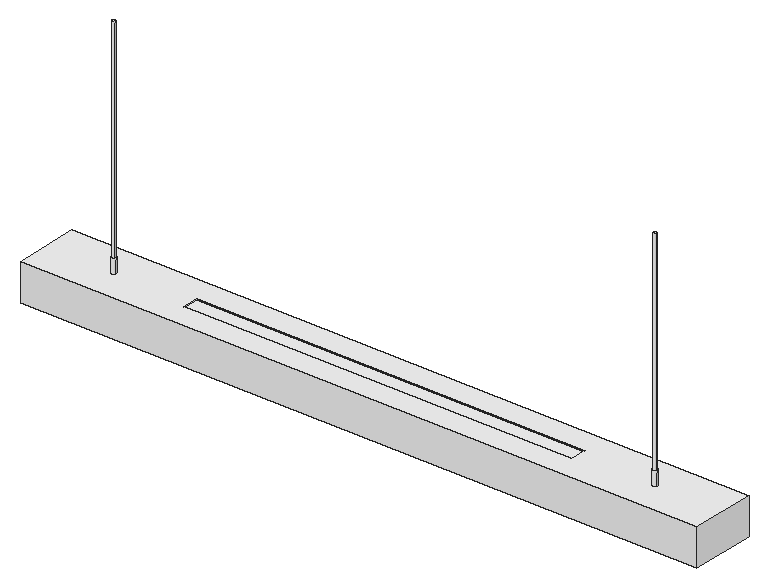
Revit family "Box Lean DI - Ceiling based", category Lighting Fixtures, host Ceiling, Revit 2014
Parameters (values of type "Box Lean DI 1500")
  Wattage = 44 W
  WarrantyGuarantorParts = "n/a"
  WarrantyDurationParts = "n/a"
  WarrantyDescription = "n/a"
  built-in parameter 1150110 = 1 (stored number, unit not read)
  Void = yes
  Version = "v.1.0"
  Uniclass2 = "Pr_70_70_49_43 Light-Emitting Diode (LED) Luminaires"
  Uniclass 1.4 = "JY73"
  TotalWattage = "Max. 46W"
  built-in parameter 1114217 = 1 (stored number, unit not read)
  Tilt Angle = 90.00°
  built-in parameter 1150109 = 1 (stored number, unit not read)
  built-in parameter 1150134 = 12
  TagNumber = "n/a"
  SustainabilityPerformance = "n/a"
  Suspended Distance Bottom = Suspended Distance + Height 1  # 581 mm
  Suspended Distance = 500 mm
  built-in parameter 1150113 = 1 (stored number, unit not read)
  SupplyCircuitConductorConnections = "n/a"
  Size = "142 x 1500 x 81 mm"
  Shape = "Rectangle"
  ProductInformation = "http://riegens.com/box-lean"
  PhotometricPerformance = "In accordance with BS EN 13032-1"
  Photometric Web File = "Box Lean 1500 DI 44W 4000K DP Satinmatt.ies"
  PhaseReference = "IEC recommendations"
  Optic = "Satin-matt double parabolic louvre (DP-SM)"
  NominalVoltage = "220-240V"
  ModelReference = "Box Lean DI 1500"
  Material = "Steel, lens optic in PMMA, double parabolic louvre in Miro finish"
  ManufacturersSpecificInformation = "n/a"
  ManufacturerURL = "www.riegens.com"
  Manufacturer = "Riegens A/S"
  built-in parameter 1150105 = 1862.3 (stored number, unit not read)
  Lumens = 5148 lm
  LuminaireType = "Direct/Indirect LED Luminaire"
  LuminairePowerFactor = ">0,9"
  built-in parameter 1150115 = 1 (stored number, unit not read)
  LightSource = "LED 3000K / 4000K"
  LightFixturePlacingType = "Ceiling"
  LightFixtureMountingType = "Suspended"
  built-in parameter 1150137 = (empty or 0)
  built-in parameter 1150139 = (empty or 0)
  LampType = "LED"
  LampRating = "44W"
  LampColourRenderingIndex = "Ra>80"
  built-in parameter 1150112 = 1 (stored number, unit not read)
  built-in parameter 1150114 = 1 (stored number, unit not read)
  InternalFuse = "Only required in emergency versions"
  InsulationStandardClass = "Class 1"
  built-in parameter 1150132 = (empty or 0)
  built-in parameter 1150102 = (empty or 0)
  built-in parameter 1150107 = 4000 (stored number, unit not read)
  built-in parameter 1150138 = (empty or 0)
  built-in parameter 1150106 = 18.623 (stored number, unit not read)
  IfcExportType = "NOTDEFINED"
  IfcExportAs = "IfcLightFixtureType"
  IP_Code [instance] = "IP20"
  Height 1 = 81 mm
  HasProtectiveEarth = "TRUE"
  Grade = "n/a"
  Glass = Riegens_Glass_opal
  Frame Width = 1500 mm
  Frame Depth = 142 mm
  Frame = Riegens_Steel_Powder coated white RAL901025
  Fixing point Suspended = 1200 mm
  Finish = "Powder coated"
  Features = "n/a"
  built-in parameter 1150104 = 10.87 (stored number, unit not read)
  Documentation = "See URL hyperlink"
  DocumentReference = "See URL hyperlink"
  Dimming Lamp Color Temperature Shift = <None>
  Description = "70-80-35 General Lighting Systems"
  ControlGearPosition = "Integrated "
  Constituents = "n/a"
  Colour = "White"
  Color Filter = 16777215
  CodePerformance = "n/a"
  Cassette Width = 0 mm
  Cassette Depth = 0 mm
  CCSTopnode = "L"
  CCSClassName = "Belysningsarmatur"
  CCSClassCode = "UAC"
  BarCode = "n/a"
  BallastsCELMAEnergyEfficiencyIndex = "Class A1/A2"
  built-in parameter 1114218 = 1 (stored number, unit not read)
  BSAB 96 = "SNB.2"
  BIMObjectName = "Box Lean DI 1500.rfa"
  Author = "3dbyggeri"
  built-in parameter 1150133 = 10 (stored number, unit not read)
  AssetType = "Moveable/Fixed"
  AssetIdentifier = "n/a"
  ArticleNumber = "See URL hyperlink"
  AccessibilityPerformance = "n/a"
Types (2, lengths in mm): name | Wattage | TotalWattage | Suspended Distance Bottom | Suspended Distance | Size | Photometric Web File | ModelReference | built-in parameter 1150105 | Lumens | LampRating | built-in parameter 1150106 | Frame Width | Fixing point Suspended | BIMObjectName
  Box Lean DI 1500 | 44 W | "Max. 46W" | 581 | 500 | "142 x 1500 x 81 mm" | "Box Lean 1500 DI 44W 4000K DP Satinmatt.ies" | "Box Lean DI 1500" | 1862.3 (stored number, unit not read) | 5148 lm | "44W" | 18.623 (stored number, unit not read) | 1500 | 1200 | "Box Lean DI 1500.rfa"
  Box Lean DI 1200 | 38 W | "Max. 30W / 40W" | 681 | 600 | "142 x 1200 x 81 mm" | "Box Lean 1200 DI 38W 4000K DP Satinmatt.ies" | "Box Lean DI 1200" | 353.8 (stored number, unit not read) | 4446 lm | "28W / 38W" | 3.538 (stored number, unit not read) | 1200 | 900 | "Box Lean DI 1200.rfa"
Reference planes
  plane 1 "Center (Front/Back)": y = 0
  plane 2: z = 0
  plane 3 "Center (Left/Right)": x = 0
  plane 4 "Ceiling": z = 4363
  plane 5: z = 3782
Dimensions and locks
  equal spacing: host sketch curve, plane 3 "Center (Left/Right)", host sketch curve
  equal spacing: host sketch curve, plane 1 "Center (Front/Back)", host sketch curve
  host sketch curve to host sketch curve = 4000 mm  (x2)
  locked: plane 4 "Ceiling" to host ceiling at 0
  "Suspended Distance Bottom": plane 5 to plane 4 "Ceiling"
  "Suspended Distance": plane 4 "Ceiling" to nested 1
  aligned and locked: plane 5 to nested 1
  aligned and locked: plane 3 "Center (Left/Right)" to nested 1
  aligned and locked: plane 1 "Center (Front/Back)" to nested 1
  aligned and locked: plane 5 to imposter light
Nested families
  nested 1: "Boxlean" at (0, 0, 3782), type "Boxlean"
    with Suspended Distance 581 mm, Frame Width 1500 mm, Fp Length 1200 mm
Connectors
  electrical at (0, 0, 3863)
    settings: on nested 1, index 1, voltage 0 V, apparent load 0 VA, apparent load phase1 0 VA, apparent load phase2 0 VA, apparent load phase3 0 VA, power factor 1, load classification "Other", number of poles 1, system type 31, power factor state 1, is connector primary yes, connector utility no, sub classification motor no, connector description ""
Definition of nested family "Boxlean"
  Parameters (values of type "Boxlean")
    Void Thickness = if(Void, -2 mm, 2 mm)  # -2 mm
    Void = yes
    Suspended Distance = 681 mm
    Height 1 = 81 mm
    Glass = Riegens_Glass_opal
    Frame Width = 1200 mm
    Frame Depth = 142 mm
    Frame = Riegens_Steel_Powder coated white RAL901025
    Fp Length = 900 mm
  Reference planes
    plane 1 "Center (Front/Back)": y = 0
    plane 2: z = 0
    plane 3 "Center (Left/Right)": x = 0
    plane 4: x = -600
    plane 5: x = 600
    plane 6: y = 71
    plane 7: y = -71
    plane 8: y = 41
    plane 9: y = -41
    plane 10: x = -578
    plane 11: x = 578
    plane 12: x = -280
    plane 13: x = 280
    plane 14: y = 17.5
    plane 15: y = -17.5
    plane 16: z = 81
    plane 17: z = 141
    plane 18: x = -450
    plane 19: x = 450
    plane 20: z = 111
  Forms (mm)
    Extrusion 1, solid, material "Riegens_Steel_Powder coated white RAL901025" <- "Frame"
      sketch origin (185, 184, 0) x (1, 0, 0) y (0, 1, 0)
        loop
          line (-785, -113) -> (-785, -255) -> (415, -255) -> (415, -113) -> (-785, -113)
      from 0 to 81
    Extrusion 2, void
      sketch origin (0, 0, 0) x (1, 0, 0) y (0, 1, 0)
        loop
          line (-578, 41) -> (-578, -41) -> (578, -41) -> (578, 41) -> (-578, 41)
      from 0.5 to 0
    Extrusion 3, solid, material "Riegens_Glass_opal" <- "Glass"
      sketch origin (0, 0, 0) x (1, 0, 0) y (0, 1, 0)
        loop
          line (-578, 41) -> (-578, -41) -> (578, -41) -> (578, 41) -> (-578, 41)
      from 0.5 to 0
    Extrusion 4, void
      sketch origin (185, 184, 81) x (1, 0, 0) y (0, 1, 0)
        loop
          line (95, -201.5) -> (95, -166.5) -> (-465, -166.5) -> (-465, -201.5) -> (95, -201.5)
      from -2 <- "Void Thickness" to 0
    Extrusion 5, solid, material "Riegens_Steel_Powder coated white RAL901025" <- "Frame"
      sketch origin (-1162.9, -1524, 81) x (-1, 0, 0) y (0, -1, 0)
        loop
          circle (-712.9, -1524) r 5
      from 0 to 30
    Extrusion 6, solid, material "Riegens_Steel_Powder coated white RAL901025" <- "Frame"
      sketch origin (-1162.9, -1524, 81) x (-1, 0, 0) y (0, -1, 0)
        loop
          circle (-1612.9, -1524) r 5
      from 0 to 30
    Extrusion 7, solid, material "Riegens_Steel_Powder coated white RAL901025" <- "Frame"
      sketch origin (-91.415, -1524, 111) x (-1, 0, 0) y (0, -1, 0)
        loop
          circle (-541.415, -1524) r 3
      from 0 to 570
    Extrusion 8, solid, material "Riegens_Steel_Powder coated white RAL901025" <- "Frame"
      sketch origin (-91.415, -1524, 111) x (-1, 0, 0) y (0, -1, 0)
        loop
          circle (358.585, -1524) r 3
      from 0 to 570
  Cuts and joins
    Extrusion 2, Extrusion 4 cuts Extrusion 1
  Lines and regions (mm)
    reference lines
      curve 1: line (-182.071, 0, 681) -> (157.929, 0, 681)
    model lines
      curve 2: line (-578, 41, 0) -> (-578, -41, 0)
      curve 3: line (578, 41, 0) -> (578, -41, 0)
      curve 4: line (-544.971, 41, 0) -> (-544.971, -41, 0)
      curve 5: line (-511.943, 41, 0) -> (-511.943, -41, 0)
      curve 6: line (-478.914, 41, 0) -> (-478.914, -41, 0)
      curve 7: line (-445.886, 41, 0) -> (-445.886, -41, 0)
      curve 8: line (-412.857, 41, 0) -> (-412.857, -41, 0)
      curve 9: line (-379.829, 41, 0) -> (-379.829, -41, 0)
      curve 10: line (-346.8, 41, 0) -> (-346.8, -41, 0)
      curve 11: line (-313.771, 41, 0) -> (-313.771, -41, 0)
      curve 12: line (-280.743, 41, 0) -> (-280.743, -41, 0)
      curve 13: line (-247.714, 41, 0) -> (-247.714, -41, 0)
      curve 14: line (-214.686, 41, 0) -> (-214.686, -41, 0)
      curve 15: line (-181.657, 41, 0) -> (-181.657, -41, 0)
      curve 16: line (-148.629, 41, 0) -> (-148.629, -41, 0)
      curve 17: line (-115.6, 41, 0) -> (-115.6, -41, 0)
      curve 18: line (-82.571, 41, 0) -> (-82.571, -41, 0)
      curve 19: line (-49.543, 41, 0) -> (-49.543, -41, 0)
      curve 20: line (-16.514, 41, 0) -> (-16.514, -41, 0)
      curve 21: line (16.514, 41, 0) -> (16.514, -41, 0)
      curve 22: line (49.543, 41, 0) -> (49.543, -41, 0)
      curve 23: line (82.571, 41, 0) -> (82.571, -41, 0)
      curve 24: line (115.6, 41, 0) -> (115.6, -41, 0)
      curve 25: line (148.629, 41, 0) -> (148.629, -41, 0)
      curve 26: line (181.657, 41, 0) -> (181.657, -41, 0)
      curve 27: line (214.686, 41, 0) -> (214.686, -41, 0)
      curve 28: line (247.714, 41, 0) -> (247.714, -41, 0)
      curve 29: line (280.743, 41, 0) -> (280.743, -41, 0)
      curve 30: line (313.771, 41, 0) -> (313.771, -41, 0)
      curve 31: line (346.8, 41, 0) -> (346.8, -41, 0)
      curve 32: line (379.829, 41, 0) -> (379.829, -41, 0)
      curve 33: line (412.857, 41, 0) -> (412.857, -41, 0)
      curve 34: line (445.886, 41, 0) -> (445.886, -41, 0)
      curve 35: line (478.914, 41, 0) -> (478.914, -41, 0)
      curve 36: line (511.943, 41, 0) -> (511.943, -41, 0)
      curve 37: line (544.971, 41, 0) -> (544.971, -41, 0)
  Dimensions and locks
    "Frame Width": plane 4 to plane 5
    "Frame Depth": plane 6 to plane 7
    locked: plane 12 to plane 13 at 560
    plane 14 to plane 15 = 35 mm
    equal spacing: plane 4, plane 3 "Center (Left/Right)", plane 5
    locked: plane 4 to plane 10 at 22
    locked: plane 11 to plane 5 at 22
    equal spacing: plane 12, plane 3 "Center (Left/Right)", plane 13
    equal spacing: plane 6, plane 1 "Center (Front/Back)", plane 7
    equal spacing: plane 14, plane 1 "Center (Front/Back)", plane 15
    locked: plane 6 to plane 8 at 30
    locked: plane 9 to plane 7 at 30
    "Height 1": plane 16 to plane 2
    plane 17 to plane 16 = 60 mm
    locked: plane 20 to plane 16 at 30
    "Suspended Distance": curve 1 to plane 2
    equal spacing: plane 18, plane 3 "Center (Left/Right)", plane 19
    "Fp Length": plane 18 to plane 19
    equal spacing: group 1, group 3, group 4, group 5, group 6, group 7, group 8, group 9, group 10, group 11, group 12, group 13, group 14, group 15, group 16, group 17, group 18, group 19, group 20, group 21, group 22, group 23, group 24, group 25, group 26, group 27, group 28, group 29, group 30, group 31, group 32, group 33, group 34, group 35, group 36, group 2  (x3)
    aligned and locked: Extrusion 1 to plane 4
    aligned and locked: Extrusion 1 to plane 5
    aligned and locked: plane 7 to Extrusion 1
    aligned and locked: plane 6 to Extrusion 1
    aligned and locked: Extrusion 3 to plane 8
    aligned and locked: Extrusion 3 to plane 9
    aligned and locked: plane 10 to Extrusion 3
    aligned and locked: plane 11 to Extrusion 3
    aligned and locked: plane 16 to cut or joined group of Extrusion 1, Extrusion 2, Extrusion 4
    aligned and locked: plane 18 to Extrusion 5 sketch curve
    aligned and locked: plane 20 to Extrusion 5
    aligned and locked: plane 19 to Extrusion 6 sketch curve
    aligned and locked: Extrusion 6 to plane 20
    aligned and locked: plane 19 to Extrusion 7 sketch curve
    aligned and locked: Extrusion 7 to curve 1
    aligned and locked: curve 1 to Extrusion 8
    aligned and locked: curve 3 to Extrusion 3
    aligned and locked: curve 2 to Extrusion 3
  Automatic sketch dimensions
    Extrusion 1 sketch curve to plane 4 = 0 mm
    Extrusion 1 sketch curve to plane 5 = 0 mm
    plane 7 to Extrusion 1 sketch curve = 0 mm
    Extrusion 1 sketch curve to plane 6 = 0 mm
    Extrusion 2 sketch curve to plane 9 = 0 mm
    Extrusion 2 sketch curve to plane 10 = 0 mm
    Extrusion 2 sketch curve to plane 11 = 0 mm
    plane 8 to Extrusion 2 sketch curve = 0 mm
    Extrusion 3 sketch curve to plane 9 = 0 mm
    Extrusion 3 sketch curve to plane 10 = 0 mm
    Extrusion 3 sketch curve to plane 11 = 0 mm
    plane 8 to Extrusion 3 sketch curve = 0 mm
    Extrusion 4 sketch curve to Extrusion 1 = 53.5 mm  (x2)
    Extrusion 4 sketch curve to Extrusion 1 = 320 mm  (x2)
    plane 1 "Center (Front/Back)" to Extrusion 5 sketch curve = 0 mm
    plane 1 "Center (Front/Back)" to Extrusion 6 sketch curve = 0 mm
    plane 1 "Center (Front/Back)" to Extrusion 7 sketch curve = 0 mm
    plane 1 "Center (Front/Back)" to Extrusion 8 sketch curve = 0 mm
    Extrusion 8 sketch curve to plane 18 = 0 mm
    plane 12 to curve 1 = 97.929 mm
    plane 13 to curve 1 = 122.071 mm
    radius of Extrusion 5 sketch curve = 5 mm
    radius of Extrusion 6 sketch curve = 5 mm
    radius of Extrusion 7 sketch curve = 3 mm
    radius of Extrusion 8 sketch curve = 3 mm
